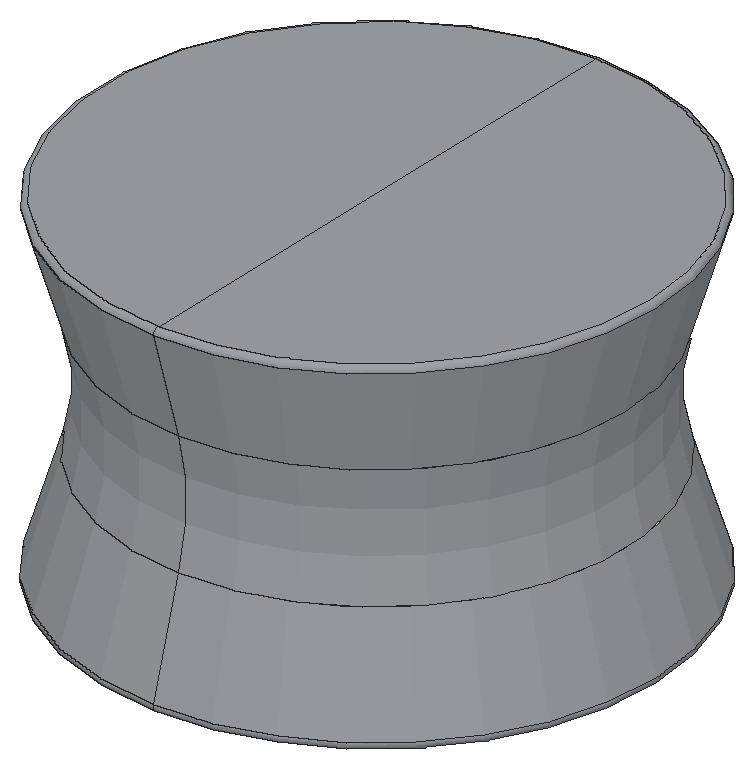
Revit family
Parameters
  URL = "http://www.martinbrattrud.com"
  Table Top [instance] = none
  Table [instance] = none
  SCS Certified Product = "Yes"
  Model = "Makayla 310-24CH"
  Manufacturer = "Martin Brattrud, Inc."
  Keynote = "125000"
  Foot [instance] = none
  Copyright = "© 2013 Martin Brattrud, Inc."
  Authoring Version = "Revit Architecture 2010"
  Assembly Code = "E2020200"
Reference planes (in)
  plane 1 "Center Front/Back": y = 0
  plane 2: z = 0
  plane 3 "Center Left/Right": x = 0
Forms (in)
  Revolve 1, solid, material <- "Foot"
    sketch origin (0, -11.25064, 48) x (0, -1, 0) y (0, 0, 1)
      loop
        line (-0.375, -48) -> (-0.375, -47.75) -> (-0.75, -47.75) -> (-0.75, -47.90625)
        arc (-0.75, -47.90625) -> (-0.72254, -47.97254) -> (-0.65625, -48) r 0.09375
        line (-0.65625, -48) -> (-0.375, -48)
      axis (-0.375, -48) -> (-0.375, -47.75)
    angle from 0 to 360
  Revolve 2, solid, material <- "Table"
    sketch origin (0, 0, 0) x (0, 1, 0) y (0, 0, 1)
      loop
        line (0, 0.25) -> (0, 14.75) -> (-11.97611, 14.75) -> (-10.61421, 10.29541)
        arc (-10.61421, 10.29541) -> (-10.22095, 7.66406) -> (-10.61421, 5.03272) r 9
        line (-10.61421, 5.03272) -> (-11.97765, 0.57309)
        arc (-11.97765, 0.57309) -> (-11.93954, 0.35129) -> (-11.73858, 0.25) r 0.25
        line (-11.73858, 0.25) -> (0, 0.25)
      axis (0, 14.75) -> (0, 0.25)
    angle from 0 to 360
  Revolve 3, solid, material <- "Table Top"
    sketch origin (0, 0, 0) x (0, 1, 0) y (0, 0, 1)
      loop
        line (0, 14.75) -> (0, 15) -> (-11.72656, 15)
        arc (-11.72656, 15) -> (-11.90334, 14.92678) -> (-11.97656, 14.75) r 0.25
        line (-11.97656, 14.75) -> (0, 14.75)
      axis (0, 15) -> (0, 14.75)
    angle from 0 to 360
  Revolve 4, solid, material <- "Foot"
    sketch origin (0, 11.25064, 48) x (0, 1, 0) y (0, 0, -1)
      loop
        line (-0.375, 48) -> (-0.65625, 48)
        arc (-0.65625, 48) -> (-0.72254, 47.97254) -> (-0.75, 47.90625) r 0.09375
        line (-0.75, 47.90625) -> (-0.75, 47.75) -> (-0.375, 47.75) -> (-0.375, 48)
      axis (-0.375, 48) -> (-0.375, 47.75)
    angle from 0 to 360
  Revolve 5, solid, material <- "Foot"
    sketch origin (11.25064, 0, 48) x (1, 0, 0) y (0, 0, 1)
      loop
        line (-0.375, -48) -> (-0.375, -47.75) -> (-0.75, -47.75) -> (-0.75, -47.90625)
        arc (-0.75, -47.90625) -> (-0.72254, -47.97254) -> (-0.65625, -48) r 0.09375
        line (-0.65625, -48) -> (-0.375, -48)
      axis (-0.375, -48) -> (-0.375, -47.75)
    angle from 0 to 360
  Revolve 6, solid, material <- "Foot"
    sketch origin (-11.25064, 0, 48) x (-1, 0, 0) y (0, 0, -1)
      loop
        line (-0.375, 48) -> (-0.65625, 48)
        arc (-0.65625, 48) -> (-0.72254, 47.97254) -> (-0.75, 47.90625) r 0.09375
        line (-0.75, 47.90625) -> (-0.75, 47.75) -> (-0.375, 47.75) -> (-0.375, 48)
      axis (-0.375, 48) -> (-0.375, 47.75)
    angle from 0 to 360
